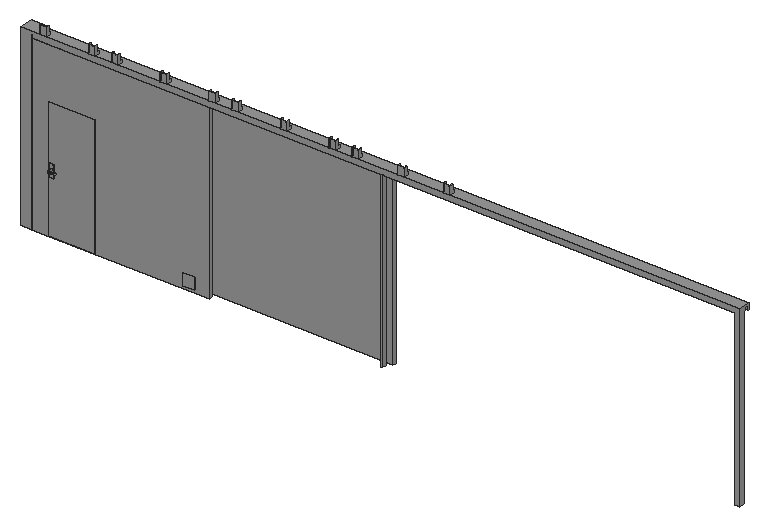
Revit family "otkatnie_protivopozarnie_vorota_firetechnics-p_ei60_ei90", category Двери, Revit 2018
Family settings
  Основа = Стена
  Всегда вертикально = Да
  При загрузке вырезать с полостями = Нет
  Общий = Нет
  Точка расчета площади = Нет
Parameters (values of type "Откатные противопажарные ворота 6x3 EI120")
  второй рельс = if(Ширина створок < 3002 mm, 59 mm, 125 mm)  # 125 mm
  Ширина второго рельса = if(Ширина створок < 3002 mm, 40 mm, 60 mm)  # 60 mm
  УГО2 = if(Ширина створок < 3002 mm, 3000 mm, 4000 mm)  # 4000 mm
  УГО = if(Ширина створок < 3002 mm, 1 mm, 3000 mm)  # 3000 mm
  Крепеж 2 = if(ADSK_Размер_Ширина < 3002 mm, 0 mm, 800 mm)  # 800 mm
  движение 2 створки [instance] = if(Ширина створок = 3000 mm, 1 mm, 125 mm)  # 125 mm
  Ширина 2 створки = if(Ширина створок = 3000 mm, 30 mm, 100 mm)  # 100 mm
  Огнестойкость = "EI120"
  Крепеж1 = if(ADSK_Размер_Ширина < 3002 mm, 0 mm, 800 mm)  # 800 mm
  Ловушка ворот = if(Ширина створок < 3002 mm, 130 mm, 240 mm)  # 240 mm
  Второй рельс = if(Ширина створок < 3002 mm, 205 mm, 2 * (ADSK_Размер_Ширина) + 300 mm + 250 mm)  # 12550 mm
  Видимость второй двери [instance] = yes
  Открытие створки [instance] = if(Ворота открыто, 30 mm, Ширина створок)  # 30 mm
  Высота противопожарной двери = 2000 mm
  Ширина створок = if(ADSK_Размер_Ширина = 3000 mm, 3000 mm, 6000 mm)  # 6000 mm
  Ширина створки [instance] = 3000 mm  # constant formula
  Ширина противопожарной двери = 800 mm
  Толщина полотна ворот = 60 mm
  Стойка [instance] = if(Ширина створок < 3002 mm, ADSK_Размер_Ширина, Ширина створок + 250 mm)  # 6250 mm
  Разработано = "support@bimlib.ru"  # constant formula
  Противопожарный лючок [instance] = yes
  Противопожарная дверь [instance] = yes
  Ворота открыто [instance] = yes
  Материал ручки = Пластмасса, непрозрачная, черная
  Материал профиля = Сталь_оцинкованная_листовая
  Материал полотна = Полотно с наполнителем из минерального заполнителя для ворот
  Изготовитель = "Firetechnics"  # constant formula
  Высота створки = ADSK_Размер_Высота  # 3000 mm
  Высота 2 [instance] = and(Ворота открыто, Противопожарный лючок)  # yes
  Высота 1 [instance] = and(Ворота открыто, Противопожарная дверь)  # yes
  Вторая створка = if(Ширина створок = 3000 mm, 5 mm, 3200 mm)  # 3200 mm
  Видимость УГО [instance] = yes
  Видимость 2 [instance] = yes
  Видимость 1 [instance] = if(Ворота открыто, Видимость второй двери, Противопожарная дверь)  # yes
  Аналитическая конструкция = "<Нет>"
  URL = "https://www.fire-tec.ru/"
  ADSK_Размер_Ширина = 6000 mm
  ADSK_Размер_Высота = 3000 mm  # constant formula
  ADSK_Примечание [instance] = ""
  ADSK_Предел огнестойкости = "EI120"
  ADSK_Позиция [instance] = ""
  ADSK_Обозначение = ""
  ADSK_Наименование = "Откатные противопожарные ворота модели FireTechnics-P EI120"
  ADSK_Масса_Текст = ""
  ADSK_Завод-изготовитель = Изготовитель  # "Firetechnics"
  ADSK_Единица измерения = ""
  ADSK_URL страницы изделия = "https://www.fire-tec.ru/catalog/protivopozharnye-vorota/otkatnye-protivopozharnye-vorota/"
  ADSK_URL документации изделия = ""
Types (2, lengths in mm): name | второй рельс | Ширина второго рельса | УГО2 | УГО | Крепеж 2 | движение 2 створки | Ширина 2 створки | Огнестойкость | Крепеж1 | Ловушка ворот | Второй рельс | Ширина створок | Стойка | Вторая створка | ADSK_Размер_Ширина | ADSK_Предел огнестойкости | ADSK_Наименование
  Откатные противопажарные ворота 3x3 EI90 | 59 | 40 | 3000 | 1 | 0 | 1 | 30 | "EI60" | 0 | 130 | 205 | 3000 | 3000 | 5 | 3000 | "EI90" | "Откатные противопожарные ворота модели FireTechnics-P EI90"
  Откатные противопажарные ворота 6x3 EI120 | 125 | 60 | 4000 | 3000 | 800 | 125 | 100 | "EI120" | 800 | 240 | 12550 | 6000 | 6250 | 3200 | 6000 | "EI120" | "Откатные противопожарные ворота модели FireTechnics-P EI120"
Reference planes
  plane 1 "Стена": y = 0
  plane 2 "По центру (Влево/Вправо)": x = 125
  plane 3 "Назад": y = 15
  plane 4: x = -475
  plane 5: x = 5525
  plane 6: x = -775
  plane 7: z = 1257.571
  plane 8: x = 11855.75
  plane 9: x = 11775
  plane 10: z = 3000
  plane 11: z = 3100
  plane 12: x = -275
  plane 13: x = 525
  plane 14: z = 2100
  plane 15: x = 2068.662
  plane 16: x = 2268.662
  plane 17: z = 50
  plane 18: z = 250
  plane 19: x = -475
  plane 20: x = 5525
  plane 21: y = 143.254
  plane 22: y = 255
  plane 23: x = -775
  plane 24: x = -275
  plane 25: x = 525
  plane 26: x = 2068.662
  plane 27: x = 2268.662
  plane 28: y = 143.254
  plane 29: y = 90
  plane 30: y = 75
  plane 31: y = 242.5
  plane 32: y = 228.254
  plane 33: y = 208.732
  plane 34: x = 5625
  plane 35: y = 200
  plane 36: y = 140
  plane 37: y = 75
  plane 38: x = 5555
  plane 39: x = 11775
Forms (mm)
  Extrusion 1, void
    sketch origin (0, 0, 0) x (1, 0, 0) y (0, 1, 0)
      loop
        line (-475, 15) -> (-475, -625) -> (5525, -625) -> (5525, 15) -> (-475, 15)
    from 0 to 3000
  Extrusion 2, solid, material "Полотно с наполнителем из минерального заполнителя для ворот" <- "Материал полотна", visible <- "Ворота открыто"
    sketch origin (-2958.423, 71.746, 0) x (1, 0, 0) y (0, 1, 0)
      loop
        line (2385.975, -56.746) -> (5483.423, -56.746) -> (5483.423, 3.254) -> (2385.975, 3.254) -> (2385.975, -56.746)
    from 0 to 3000
  Extrusion 3, solid, material "Сталь_оцинкованная_листовая" <- "Материал профиля"
    sketch origin (-2100, 0, 0) x (1, 0, 0) y (0, 1, 0)
      loop
        line (13799.619, 15) -> (13875, 15) -> (13875, 112.5) -> (13799.619, 112.5) -> (13799.619, 15)
    from 0 to 3100
  Extrusion 4, solid, material "Сталь_оцинкованная_листовая" <- "Материал профиля"
    sketch origin (125, 5, 62.751) x (0, -1, 0) y (0, 0, -1)
      loop
        line (-80.754, -2937.249) -> (-80.754, -3037.249) -> (-10, -3037.249) -> (-10, -2937.249) -> (-18.254, -2937.249) -> (-18.254, -2985.417) -> (-78.254, -2985.417) -> (-78.254, -2937.249) -> (-80.754, -2937.249)
    from -697.448 to 11650
  Extrusion 5, solid, material "Полотно с наполнителем из минерального заполнителя для ворот" <- "Материал полотна", visible <- "Ворота открыто"
    sketch origin (41.577, 139.246, 0) x (1, 0, 0) y (0, 1, 0)
      loop
        line (2383.423, 0.754) -> (5583.423, 0.754) -> (5583.423, 60.754) -> (2383.423, 60.754) -> (2383.423, 0.754)
    from 0 to 3000
  Extrusion 6, solid, material "Сталь_оцинкованная_листовая" <- "Материал профиля"
    sketch origin (125, 167.629, 62.751) x (0, -1, 0) y (0, 0, -1)
      loop
        line (-43.125, -2937.249) -> (-43.125, -3037.249) -> (81.875, -3037.249) -> (81.875, -2937.249) -> (22.629, -2937.249) -> (22.629, -2992.249) -> (-37.371, -2992.249) -> (-37.371, -2937.249) -> (-43.125, -2937.249)
    from -697.448 to 11650
  Extrusion 7, solid, material "Полотно с наполнителем из минерального заполнителя для ворот" <- "Материал полотна", visible <- "Высота 1"
    sketch origin (0, 0, 0) x (1, 0, 0) y (0, 1, 0)
      loop
        line (-275, 75) -> (-275, 15) -> (525, 15) -> (525, 75) -> (-275, 75)
    from 0 to 2100
  Extrusion 8, solid, material "Полотно с наполнителем из минерального заполнителя для ворот" <- "Материал полотна", visible <- "Высота 2"
    sketch origin (0, 0, 0) x (1, 0, 0) y (0, 1, 0)
      loop
        line (2068.662, 75) -> (2068.662, 15) -> (2268.662, 15) -> (2268.662, 75) -> (2068.662, 75)
    from 50 to 250
  Extrusion 9, solid, material "Сталь_оцинкованная_листовая" <- "Материал профиля"
    sketch origin (0, 0, 0) x (1, 0, 0) y (0, 1, 0)
      loop
        line (-572.448, 15) -> (-572.448, 208.732) -> (-475, 208.732) -> (-475, 255) -> (-775, 255) -> (-775, 15) -> (-572.448, 15)
    from 0 to 3100
  Extrusion 10, solid, material "Полотно с наполнителем из минерального заполнителя для ворот" <- "Материал полотна", visible <- "Видимость второй двери"
    sketch origin (0, 0, 0) x (1, 0, 0) y (0, 1, 0)
      loop
        line (5525, 75) -> (5525, 15) -> (5555, 15) -> (5555, 75) -> (5525, 75)
    from 0 to 3000
Cuts and joins
  joined: Extrusion 3, Extrusion 4, Extrusion 6, Extrusion 9
Lines and regions (mm)
  symbolic lines, style "Doors"
    curve 1: line (2068.662, 60.701, 0) -> (6068.662, 60.701, 0)
    curve 2: line (5525, 275, 0) -> (8525, 275, 0)
Text (mm)
  text "Сторона размещения" at (-2044.308, 1959.749, 0), in view "Опорный уровень"
  text "Сторона размещения" at (0, 1409.804, 2854.306), in view "Слева"
  text "Сторона размещения" at (0, 499.811, 2980.732), in view "Справа"
Dimensions and locks
  locked: plane 3 "Назад" to host wall
  locked: plane 8 to plane 9 at 80.75
  "Высота створки": plane 10 to level
  locked: plane 11 to plane 10 at 100
  "Ширина противопожарной двери": plane 12 to plane 13
  locked: plane 18 to plane 17 at 200
  plane 17 to level = 50 mm
  plane 16 to plane 15 = 200 mm
  locked: plane 23 to plane 19 at 300
  nested 1 to nested 2 = 850 mm
  "Ширина створок": plane 19 to plane 20
  "Вторая створка": Extrusion 5 to Extrusion 5
  "Толщина полотна ворот": Extrusion 5 sketch curve to Extrusion 5 sketch curve
  Extrusion 4 sketch curve to Extrusion 4 sketch curve to Extrusion 4 sketch curve to Extrusion 4 sketch curve = 2.5 mm locked, 60 mm locked, 8.254 mm locked
  plane 3 "Назад" to plane 21 = 128.254 mm
  locked: plane 3 "Назад" to plane 30 at 60
  locked: plane 29 to plane 32 at 138.254
  locked: plane 3 "Назад" to plane 29 at 75
  "Ловушка ворот": plane 3 "Назад" to plane 22
  locked: plane 33 to plane 22 at 46.268
  "Ширина створок": plane 4 to plane 5
  "Ширина 2 створки": plane 5 to plane 34
  "Стойка": plane 5 to plane 9
  locked: plane 35 to plane 36 at 60
  "движение 2 створки": plane 36 to plane 3 "Назад"
  plane 8 to plane 9 = 80.75 mm
  "Толщина полотна ворот": plane 37 to plane 3 "Назад"
  "Открытие створки": plane 5 to plane 38
  "Второй рельс": plane 39 to plane 23
  "Крепеж 2": nested 12 to nested 13
  "Крепеж1": nested 9 to nested 12
  cut or joined group of Extrusion 3, Extrusion 4, Extrusion 6, Extrusion 9 to plane 35 = 114.246 mm
  "Ширина второго рельса": cut or joined group of Extrusion 3, Extrusion 4, Extrusion 6, Extrusion 9 to cut or joined group of Extrusion 3, Extrusion 4, Extrusion 6, Extrusion 9
  "второй рельс": cut or joined group of Extrusion 3, Extrusion 4, Extrusion 6, Extrusion 9 to cut or joined group of Extrusion 3, Extrusion 4, Extrusion 6, Extrusion 9
  locked: cut or joined group of Extrusion 3, Extrusion 4, Extrusion 6, Extrusion 9 to cut or joined group of Extrusion 3, Extrusion 4, Extrusion 6, Extrusion 9 at 5.754
  "УГО": curve 2 to curve 2
  "УГО2": curve 1 to curve 1
  aligned and locked: plane 5 to Extrusion 1
  aligned and locked: Extrusion 2 to Extrusion 5
  aligned and locked: plane 3 "Назад" to Extrusion 3
  aligned and locked: nested 9 to plane 3 "Назад"
  aligned and locked: nested 8 to plane 3 "Назад"
  aligned and locked: nested 7 to plane 3 "Назад"
  aligned and locked: nested 6 to plane 3 "Назад"
  aligned and locked: nested 5 to plane 3 "Назад"
  aligned and locked: nested 4 to plane 3 "Назад"
  aligned and locked: nested 3 to plane 3 "Назад"
  aligned and locked: nested 2 to plane 3 "Назад"
  aligned and locked: nested 1 to plane 3 "Назад"
  aligned and locked: plane 3 "Назад" to Extrusion 4
  aligned and locked: plane 3 "Назад" to nested 11  (x2)
  aligned and locked: plane 3 "Назад" to Extrusion 2
  aligned and locked: plane 30 to Extrusion 2
  aligned and locked: nested 10 to plane 30
  aligned and locked: Extrusion 7 sketch curve to Extrusion 2
  aligned and locked: plane 24 to Extrusion 7 sketch curve
  aligned and locked: Extrusion 7 sketch curve to plane 3 "Назад"
  aligned and locked: nested 2 to Extrusion 7 sketch curve
  aligned and locked: Extrusion 2 to Extrusion 8
  aligned and locked: plane 3 "Назад" to Extrusion 8
  aligned and locked: Extrusion 8 to plane 15
  aligned and locked: plane 16 to Extrusion 8
  aligned and locked: Extrusion 8 to plane 17
  aligned and locked: plane 18 to Extrusion 8
  aligned and locked: plane 14 to Extrusion 7
  aligned and locked: Extrusion 7 to level
  aligned and locked: Extrusion 9 to plane 6
  aligned and locked: plane 33 to Extrusion 9 sketch curve
  aligned and locked: plane 3 "Назад" to Extrusion 9
  aligned and locked: Extrusion 9 to plane 11
  aligned and locked: plane 34 to Extrusion 5
  aligned and locked: Extrusion 5 to plane 36
  aligned and locked: Extrusion 5 to plane 35
  aligned and locked: Extrusion 2 to plane 10
  aligned and locked: Extrusion 1 to plane 10
  aligned and locked: plane 11 to nested 6
  aligned and locked: plane 11 to nested 5
  aligned and locked: plane 11 to nested 4
  aligned and locked: plane 11 to nested 7
  aligned and locked: plane 11 to nested 8
  aligned and locked: plane 11 to nested 9
  aligned and locked: plane 11 to nested 3
  aligned and locked: plane 11 to nested 2
  aligned and locked: plane 11 to nested 1
  aligned and locked: Extrusion 10 sketch curve to plane 37
  aligned and locked: plane 5 to Extrusion 10 sketch curve
  aligned and locked: Extrusion 10 sketch curve to plane 38
  aligned and locked: Extrusion 10 sketch curve to plane 3 "Назад"
  aligned and locked: Extrusion 10 to plane 10
  aligned and locked: plane 9 to Extrusion 4
  aligned and locked: plane 11 to Extrusion 3
  aligned and locked: Extrusion 6 sketch curve to cut or joined group of Extrusion 3, Extrusion 4, Extrusion 6, Extrusion 9
  aligned and locked: nested 12 to plane 3 "Назад"
  aligned and locked: nested 13 to plane 3 "Назад"
  aligned and locked: plane 9 to cut or joined group of Extrusion 3, Extrusion 4, Extrusion 6, Extrusion 9
  aligned and locked: plane 20 to curve 2
  aligned and locked: Extrusion 8 to curve 1
Automatic sketch dimensions
  Extrusion 1 sketch curve to plane 4 = 0 mm
  Extrusion 1 sketch curve to host wall = 0 mm
  Extrusion 1 sketch curve to plane 5 = 0 mm
  Extrusion 3 sketch curve to host wall = 0 mm
  Extrusion 3 sketch curve to plane 9 = 0 mm
  plane 9 to Extrusion 3 sketch curve = 75.381 mm
  Extrusion 3 sketch curve to plane 21 = 30.754 mm
  plane 10 to Extrusion 4 sketch curve = 0 mm  (x2)
  Extrusion 4 sketch curve to plane 11 = 0 mm
  Extrusion 4 sketch curve to plane 21 = 60 mm
  plane 11 to Extrusion 4 sketch curve = 51.832 mm
  Extrusion 8 sketch curve to plane 15 = 0 mm
  Extrusion 8 sketch curve to plane 16 = 0 mm
  Extrusion 8 sketch curve to host wall = 0 mm
  Extrusion 8 sketch curve to plane 30 = 0 mm
  Extrusion 2 sketch curve to host wall = 0 mm
  plane 4 to Extrusion 2 sketch curve = 97.448 mm
  Extrusion 2 sketch curve to plane 16 = 256.338 mm
  Extrusion 9 sketch curve to plane 6 = 0 mm
  Extrusion 9 sketch curve to host wall = 0 mm
  Extrusion 9 sketch curve to plane 4 = 0 mm
  Extrusion 9 sketch curve to plane 22 = 0 mm
  Extrusion 9 sketch curve to Extrusion 9 sketch curve = 97.448 mm
  host wall to Extrusion 1 sketch curve = 340 mm
  Extrusion 2 sketch curve to plane 30 = 0 mm
  Extrusion 10 sketch curve to plane 5 = 0 mm
  Extrusion 5 sketch curve to plane 36 = 0 mm
  Extrusion 5 sketch curve to plane 34 = 0 mm
  Extrusion 5 sketch curve to plane 16 = 156.338 mm
  Extrusion 6 sketch curve to plane 11 = 0 mm
  plane 32 to Extrusion 6 sketch curve = 17.5 mm
  plane 10 to Extrusion 6 sketch curve = 0 mm  (x2)
  plane 11 to Extrusion 6 sketch curve = 45 mm
  plane 22 to Extrusion 6 sketch curve = 50 mm
  Extrusion 6 sketch curve to plane 29 = 55 mm
  curve 1 to plane 30 = 14.299 mm
  plane 22 to curve 2 = 20 mm
Nested families
  nested 1: "уголок откатные шторы" at (-375, 60, 3100), type "уголок откатные шторы", detail levels fine
  nested 2: "уголок откатные шторы" at (475, 60, 3100), type "уголок откатные шторы", detail levels fine
  nested 3: "уголок откатные шторы" at (875, 60, 3100), type "уголок откатные шторы", detail levels fine
  nested 4: "уголок откатные шторы" at (1725, 60, 3100), type "уголок откатные шторы", detail levels fine
  nested 5: "уголок откатные шторы" at (2575, 60, 3100), type "уголок откатные шторы", detail levels fine
  nested 6: "уголок откатные шторы" at (2975, 60, 3100), type "уголок откатные шторы", detail levels fine
  nested 7: "уголок откатные шторы" at (3825, 60, 3100), type "уголок откатные шторы", detail levels fine
  nested 8: "уголок откатные шторы" at (4675, 60, 3100), type "уголок откатные шторы", detail levels fine
  nested 9: "уголок откатные шторы" at (5075, 60, 3100), type "уголок откатные шторы", detail levels fine
  nested 10: "ручка двери" at (-195, 75, 1000), visible <- "Высота 1", type "ручка двери", detail levels fine
  nested 11: "ручка двери" at (-195, 15, 1000), visible <- "Высота 2", type "ручка двери", detail levels fine
  nested 12: "уголок откатные шторы" at (5875, 60, 3100), type "уголок откатные шторы", detail levels fine
  nested 13: "уголок откатные шторы" at (6675, 60, 3100), type "уголок откатные шторы", detail levels fine
Definition of nested family "уголок откатные шторы"
  Parameters (values of type "уголок откатные шторы")
    Материал профиля = none
  Reference planes
    plane 1 "По центру (Вперед/Назад)": y = 0
    plane 2: z = 0
    plane 3 "По центру (Влево/Вправо)": x = 0
    plane 4: x = -60.116
    plane 5: x = 55
    plane 6: x = -55.116
    plane 7: x = 50
    plane 8: y = 5
    plane 9: z = 45
  Forms (mm)
    Extrusion 1, solid, material <- "Материал профиля"
      sketch origin (0, 45, -100) x (0, -1, 0) y (1, 0, 0)
        loop
          line (45, -60.116) -> (45, -55) -> (5, -55) -> (5, 50) -> (45, 50) -> (45, 55) -> (0, 55) -> (0, -60.116) -> (45, -60.116)
      from 105 to 250
    Extrusion 2, solid, material <- "Материал профиля"
      sketch origin (0, 215, 0) x (1, 0, 0) y (0, 0, 1)
        loop
          line (-60.116, 45) -> (-60.116, 0) -> (55, 0) -> (55, 45) -> (50, 45) -> (50, 5) -> (-55, 5) -> (-55, 45) -> (-60.116, 45)
      from 215 to 250
    Extrusion 3, solid, material <- "Материал профиля"
      sketch origin (0, 0, 0) x (0, 1, 0) y (0, 0, 1)
        loop
          line (0, 5) -> (0, 0) -> (45, 0) -> (45, 5) -> (0, 5)
      from -60.116 to 55
  Cuts and joins
    joined: Extrusion 1, Extrusion 2, Extrusion 3
  Dimensions and locks
    aligned and locked: level to plane 2
    aligned and locked: Extrusion 2 to plane 1 "По центру (Вперед/Назад)"
    aligned and locked: Extrusion 1 to Extrusion 2
Definition of nested family "ручка двери"
  Parameters (values of type "ручка двери")
    материал ручки = none
  Reference planes
    plane 1 "По центру (Вперед/Назад)": y = 0
    plane 2: z = 0
    plane 3 "По центру (Влево/Вправо)": x = 0
    plane 4: y = -94.522
    plane 5: through (79.584, -140.02, 1571.813) normal (-1, 0, 0.003)
    plane 6: y = -74.753
  Forms (mm)
    Extrusion 1, solid, material <- "материал ручки"
      sketch origin (0, 0, 28.186) x (1, 0, 0) y (0, 0, 1)
        loop
          line (-64.593, 122.232) -> (-64.593, -92.42) -> (6.493, -92.42) -> (6.493, 122.232) -> (-64.593, 122.232)
      from 0 to 5
    Extrusion 2, solid, material <- "материал ручки"
      sketch origin (-20.443, 15, 48.105) x (-0.999996, 0, 0.002989) y (0, -1, 0)
        loop
          line (4.809, 20) -> (20, 20) -> (20, 82.112)
          arc (20, 82.112) -> (14.468, 99.078) -> (0, 109.522) r 28.783
          line (0, 109.522) -> (-95.473, 109.522)
          arc (-95.473, 109.522) -> (-109.942, 99.078) -> (-115.473, 82.112) r 28.783
          line (-115.473, 82.112) -> (-100.473, 82.112)
          arc (-100.473, 82.112) -> (-98.235, 87.515) -> (-92.832, 89.753) r 7.641
          line (-92.832, 89.753) -> (-2.832, 89.753)
          arc (-2.832, 89.753) -> (2.571, 87.515) -> (4.809, 82.112) r 7.641
          line (4.809, 82.112) -> (4.809, 20)
      from 0 to 20
  Dimensions and locks
    aligned and locked: level to plane 2
